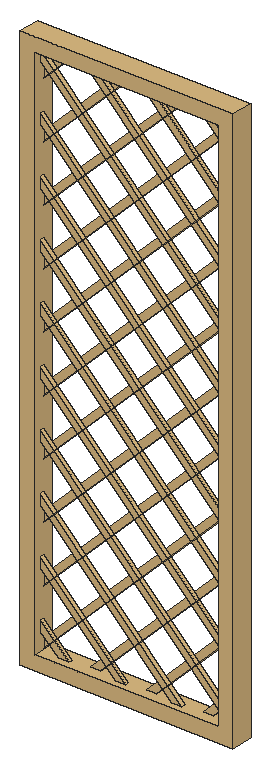
Revit family
Reference planes
  plane 1 "Center (Front/Back)": y = 0
  plane 2: z = 0
  plane 3 "Center (Left/Right)": x = 0
Forms (mm)
  Extrusion 1, solid, material "Wood - Trellis"
    sketch origin (0, 0, 0) x (1, 0, 0) y (0, 0, 1)
      loop
        line (0, 0) -> (750, 0) -> (750, 2000) -> (0, 2000) -> (0, 0)
      loop
        line (700, 1950) -> (50, 1950) -> (50, 50) -> (700, 50) -> (700, 1950)
    from 0 to 75
  Extrusion 2, solid, material "Wood - Trellis"
    sketch origin (0, 0, 0) x (1, 0, 0) y (0, 0, 1)
      loop
        line (50, 50) -> (700, 700) -> (700, 735.355) -> (50, 85.355) -> (50, 50)
    from 23 to 35
  Extrusion 3, solid, material "Wood - Trellis"
    sketch origin (0, 0, 200) x (1, 0, 0) y (0, 0, 1)
      loop
        line (50, 50) -> (700, 700) -> (700, 735.355) -> (50, 85.355) -> (50, 50)
    from 23 to 35
  Extrusion 4, solid, material "Wood - Trellis"
    sketch origin (0, 0, 400) x (1, 0, 0) y (0, 0, 1)
      loop
        line (50, 50) -> (700, 700) -> (700, 735.355) -> (50, 85.355) -> (50, 50)
    from 23 to 35
  Extrusion 5, solid, material "Wood - Trellis"
    sketch origin (0, 0, 600) x (1, 0, 0) y (0, 0, 1)
      loop
        line (50, 50) -> (700, 700) -> (700, 735.355) -> (50, 85.355) -> (50, 50)
    from 23 to 35
  Extrusion 6, solid, material "Wood - Trellis"
    sketch origin (0, 0, 800) x (1, 0, 0) y (0, 0, 1)
      loop
        line (50, 50) -> (700, 700) -> (700, 735.355) -> (50, 85.355) -> (50, 50)
    from 23 to 35
  Extrusion 7, solid, material "Wood - Trellis"
    sketch origin (0, 0, 1000) x (1, 0, 0) y (0, 0, 1)
      loop
        line (50, 50) -> (700, 700) -> (700, 735.355) -> (50, 85.355) -> (50, 50)
    from 23 to 35
  Extrusion 8, solid, material "Wood - Trellis"
    sketch origin (0, 0, 1200) x (1, 0, 0) y (0, 0, 1)
      loop
        line (50, 50) -> (700, 700) -> (700, 735.355) -> (50, 85.355) -> (50, 50)
    from 23 to 35
  Extrusion 9, solid, material "Wood - Trellis"
    sketch origin (0, 0, 1400) x (1, 0, 0) y (0, 0, 1)
      loop
        line (50, 50) -> (550, 550) -> (514.645, 550) -> (50, 85.355) -> (50, 50)
    from 23 to 35
  Extrusion 10, solid, material "Wood - Trellis"
    sketch origin (0, 0, 1600) x (1, 0, 0) y (0, 0, 1)
      loop
        line (50, 50) -> (350, 350) -> (314.645, 350) -> (50, 85.355) -> (50, 50)
    from 23 to 35
  Extrusion 11, solid, material "Wood - Trellis"
    sketch origin (0, 0, 1800) x (1, 0, 0) y (0, 0, 1)
      loop
        line (50, 50) -> (150, 150) -> (114.645, 150) -> (50, 85.355) -> (50, 50)
    from 23 to 35
  Extrusion 12, solid, material "Wood - Trellis"
    sketch origin (0, 0, -200) x (1, 0, 0) y (0, 0, 1)
      loop
        line (250, 250) -> (700, 700) -> (700, 735.355) -> (214.645, 250) -> (250, 250)
    from 23 to 35
  Extrusion 13, solid, material "Wood - Trellis"
    sketch origin (0, 0, -400) x (1, 0, 0) y (0, 0, 1)
      loop
        line (450, 450) -> (700, 700) -> (700, 735.355) -> (414.645, 450) -> (450, 450)
    from 23 to 35
  Extrusion 14, solid, material "Wood - Trellis"
    sketch origin (0, 0, -600) x (1, 0, 0) y (0, 0, 1)
      loop
        line (650, 650) -> (700, 700) -> (700, 735.355) -> (614.645, 650) -> (650, 650)
    from 23 to 35
  Extrusion 15, solid, material "Wood - Trellis"
    sketch origin (0, 0, 2000) x (1, 0, 0) y (0, 0, 1)
      loop
        line (50, -50) -> (50, -85.355) -> (700, -735.355) -> (700, -700) -> (50, -50)
    from 37.5 to 49.5
  Extrusion 16, solid, material "Wood - Trellis"
    sketch origin (0, 0, 1800) x (1, 0, 0) y (0, 0, 1)
      loop
        line (50, -50) -> (50, -85.355) -> (700, -735.355) -> (700, -700) -> (50, -50)
    from 37.5 to 49.5
  Extrusion 17, solid, material "Wood - Trellis"
    sketch origin (0, 0, 1600) x (1, 0, 0) y (0, 0, 1)
      loop
        line (50, -50) -> (50, -85.355) -> (700, -735.355) -> (700, -700) -> (50, -50)
    from 37.5 to 49.5
  Extrusion 18, solid, material "Wood - Trellis"
    sketch origin (0, 0, 1400) x (1, 0, 0) y (0, 0, 1)
      loop
        line (50, -50) -> (50, -85.355) -> (700, -735.355) -> (700, -700) -> (50, -50)
    from 37.5 to 49.5
  Extrusion 19, solid, material "Wood - Trellis"
    sketch origin (0, 0, 1200) x (1, 0, 0) y (0, 0, 1)
      loop
        line (50, -50) -> (50, -85.355) -> (700, -735.355) -> (700, -700) -> (50, -50)
    from 37.5 to 49.5
  Extrusion 20, solid, material "Wood - Trellis"
    sketch origin (0, 0, 1000) x (1, 0, 0) y (0, 0, 1)
      loop
        line (50, -50) -> (50, -85.355) -> (700, -735.355) -> (700, -700) -> (50, -50)
    from 37.5 to 49.5
  Extrusion 21, solid, material "Wood - Trellis"
    sketch origin (0, 0, 800) x (1, 0, 0) y (0, 0, 1)
      loop
        line (50, -50) -> (50, -85.355) -> (700, -735.355) -> (700, -700) -> (50, -50)
    from 37.5 to 49.5
  Extrusion 22, solid, material "Wood - Trellis"
    sketch origin (0, 0, 600) x (1, 0, 0) y (0, 0, 1)
      loop
        line (50, -50) -> (50, -85.355) -> (514.645, -550) -> (550, -550) -> (50, -50)
    from 37.5 to 49.5
  Extrusion 23, solid, material "Wood - Trellis"
    sketch origin (0, 0, 400) x (1, 0, 0) y (0, 0, 1)
      loop
        line (50, -50) -> (50, -85.355) -> (314.645, -350) -> (350, -350) -> (50, -50)
    from 37.5 to 49.5
  Extrusion 24, solid, material "Wood - Trellis"
    sketch origin (0, 0, 200) x (1, 0, 0) y (0, 0, 1)
      loop
        line (50, -50) -> (50, -85.355) -> (114.645, -150) -> (150, -150) -> (50, -50)
    from 37.5 to 49.5
  Extrusion 25, solid, material "Wood - Trellis"
    sketch origin (0, 0, 2200) x (1, 0, 0) y (0, 0, 1)
      loop
        line (250, -250) -> (214.645, -250) -> (700, -735.355) -> (700, -700) -> (250, -250)
    from 37.5 to 49.5
  Extrusion 26, solid, material "Wood - Trellis"
    sketch origin (0, 0, 2400) x (1, 0, 0) y (0, 0, 1)
      loop
        line (450, -450) -> (414.645, -450) -> (700, -735.355) -> (700, -700) -> (450, -450)
    from 37.5 to 49.5
  Extrusion 27, solid, material "Wood - Trellis"
    sketch origin (0, 0, 2600) x (1, 0, 0) y (0, 0, 1)
      loop
        line (650, -650) -> (614.645, -650) -> (700, -735.355) -> (700, -700) -> (650, -650)
    from 37.5 to 49.5
Lines and regions (mm)
  model lines
    curve 1: line (0, 0, 0) -> (0, 0, 2000)
    curve 2: line (0, 0, 2000) -> (750, 0, 2000)
